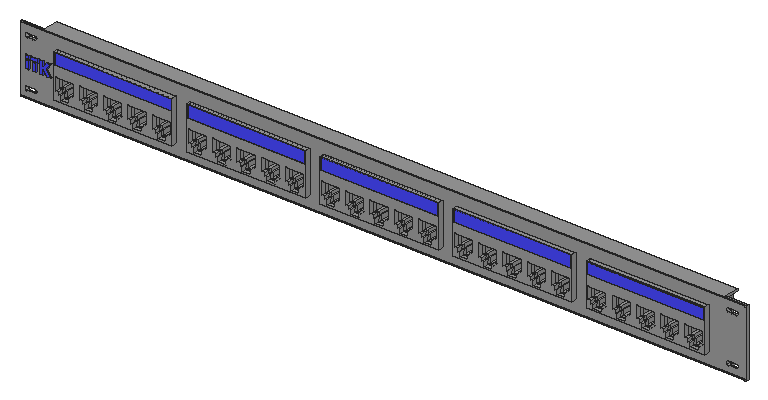
Revit family "ITK_Телефонная патч-панель_19-дюймовое крепление_1U_категория 3", category Обобщенные модели, Revit 2019
Family settings
  Может служить основой для арматурных стержней = Нет
  Размер круглого соединителя = Использовать диаметр
  Тип детали = Нормальный
  На основе рабочей плоскости = Нет
  Всегда вертикально = Да
  При загрузке вырезать с полостями = Нет
  Общий = Нет
  Точка расчета площади = Нет
Parameters (values of type "PP25-1UC03U-110")
  Ширина = 482.6 mm
  Материал = Окраска - RAL 9005
  Изготовитель = "ITK"  # constant formula
  Дата изменения = ""
  Глубина = 23.3 mm
  Высота = 44.5 mm
  URL = "https://www.iek.ru/"
  KSI_CPr_Строительные изделия = "27.12.31.61.1.04.09-1090"  # constant formula
  KSI_CMa_Строительные материалы = "10.03.02.06"  # constant formula
  IEK_Цена за единицу = 1895.9
  IEK_Поиск в таблице имен = ""
  IEK_Описание = "Компактное решение.\r\nДвойная понятная маркировка IDC-модулей и портов.\r\nРасширенный частотный диапазон работы.\r\nУвеличенное количество циклов включения-отключения.\r\nСовместимы со всеми 19\" шкафами и стойками ITK.\r\nСоответствие международным стандартам и ГОСТ Р."
  IEK_URL = "https://www.itk-group.ru/produktsiya/catalog/oborudovanie_telekommunikatsionnoe/komponenty_sks_mednye/patch_paneli/patch_paneli_kat_3/itk_1u_telefonnaya_patch_panel_kat_3_25_portov_110_idc"
  ADSK_Примечание = ""
  ADSK_Позиция [instance] = ""
  ADSK_Наименование = "ITK 1U телефонная патч-панель категории 3 25 портов 110 IDC"
  ADSK_Материал обозначение = ""
  ADSK_Материал наименование = "Металл и АБС-пластик"  # constant formula
  ADSK_Масса = 0.63
  ADSK_Марка = ""  # constant formula
  ADSK_Код изделия = "PP25-1UC03U-110"
  ADSK_Завод-изготовитель = "IEK"  # constant formula
  ADSK_Единица измерения = "шт"  # constant formula
  ADSK_Группирование = "I. ЩИТЫ И ПУЛЬТЫ"  # constant formula
  ADSK_Версия семейства = "1.0"  # constant formula
  ADSK_Версия Revit = "2019"  # constant formula
  ADSK_URL страницы изделия = "https://www.itk-group.ru/produktsiya/catalog/oborudovanie_telekommunikatsionnoe/komponenty_sks_mednye/patch_paneli/patch_paneli_kat_3/"
Reference planes
  plane 1 "По центру (Вперед/Назад)": y = 0
  plane 2: z = 0
  plane 3 "По центру (Влево/Вправо)": x = 0
  plane 4: z = 44.5
  plane 5: y = 11.8
  plane 6: x = 232.5
  plane 7: z = 22.25
  plane 8: z = 38.15
  plane 9: z = 6.35
  plane 10: x = -233.8
  plane 11: x = -216.3
  plane 12: x = 216.3
  plane 13: z = 28.703
  plane 14: x = -241.3
  plane 15: x = 241.3
Forms (mm)
  Extrusion 1, void
    sketch origin (0, 0, 0) x (1, 0, 0) y (0, 1, 0)
      loop
        line (-241.3, 11.8) -> (-241.3, 1.6) -> (-226.3, 1.6) -> (-226.3, 11.8) -> (-241.3, 11.8)
      loop
        line (241.3, 11.8) -> (226.3, 11.8) -> (226.3, 1.6) -> (241.3, 1.6) -> (241.3, 11.8)
    from 0 to 482.6
  Extrusion 2, solid, material "Окраска - RAL 9005" <- "Материал", detail levels fine
    sketch origin (-241.3, 0, 0) x (0, 1, 0) y (0, 0, 1)
      loop
        line (11.8, 44.5) -> (0.523, 44.5)
        arc (0.523, 44.5) -> (0.153, 44.347) -> (0, 43.977) r 0.523
        line (0, 43.977) -> (0, 0.507)
        arc (0, 0.507) -> (0.148, 0.148) -> (0.507, 0) r 0.507
        line (0.507, 0) -> (11.8, 0) -> (11.8, 1.6) -> (2.104, 1.6)
        arc (2.104, 1.6) -> (1.748, 1.748) -> (1.6, 2.104) r 0.504
        line (1.6, 2.104) -> (1.6, 42.358)
        arc (1.6, 42.358) -> (1.759, 42.741) -> (2.142, 42.9) r 0.542
        line (2.142, 42.9) -> (11.8, 42.9) -> (11.8, 44.5)
    from 0 to 482.6
  Extrusion 3, void
    sketch origin (0, 0, 0) x (1, 0, 0) y (0, 0, 1)
      loop
        line (235, 39.65) -> (230, 39.65)
        arc (230, 39.65) -> (228.5, 38.15) -> (230, 36.65) r 1.5
        line (230, 36.65) -> (235, 36.65)
        arc (235, 36.65) -> (236.5, 38.15) -> (235, 39.65) r 1.5
      loop
        arc (235, 4.85) -> (236.5, 6.35) -> (235, 7.85) r 1.5
        line (235, 7.85) -> (230, 7.85)
        arc (230, 7.85) -> (228.5, 6.35) -> (230, 4.85) r 1.5
        line (230, 4.85) -> (235, 4.85)
      loop
        arc (-236.3, 39.65) -> (-237.8, 38.15) -> (-236.3, 36.65) r 1.5
        line (-236.3, 36.65) -> (-231.3, 36.65)
        arc (-231.3, 36.65) -> (-229.8, 38.15) -> (-231.3, 39.65) r 1.5
        line (-231.3, 39.65) -> (-236.3, 39.65)
      loop
        line (-236.3, 4.85) -> (-231.3, 4.85)
        arc (-231.3, 4.85) -> (-229.8, 6.35) -> (-231.3, 7.85) r 1.5
        line (-231.3, 7.85) -> (-236.3, 7.85)
        arc (-236.3, 7.85) -> (-237.8, 6.35) -> (-236.3, 4.85) r 1.5
    from 0 to -2
  Extrusion 4, solid, material "Окраска - RAL 9005" <- "Материал", detail levels fine
    sketch origin (0, 0, 0) x (1, 0, 0) y (0, 0, 1)
      loop
        line (-216.3, 36.507) -> (-216.3, 8.268) -> (-137.7, 8.268) -> (-137.7, 36.507) -> (-216.3, 36.507)
      loop
        line (-127.7, 36.507) -> (-127.7, 8.268) -> (-49.1, 8.268) -> (-49.1, 36.507) -> (-127.7, 36.507)
      loop
        line (-39.3, 36.507) -> (-39.3, 8.268) -> (39.3, 8.268) -> (39.3, 36.507) -> (-39.3, 36.507)
      loop
        line (216.3, 36.507) -> (137.7, 36.507) -> (137.7, 8.268) -> (216.3, 8.268) -> (216.3, 36.507)
      loop
        line (127.7, 36.507) -> (49.1, 36.507) -> (49.1, 8.268) -> (127.7, 8.268) -> (127.7, 36.507)
    from 3.3 to -20
  Extrusion 5, solid, material "Пластик белый", detail levels fine
    sketch origin (0, 0, 0) x (1, 0, 0) y (0, 0, 1)
      loop
        line (-215.909, 28.703) -> (-138.05, 28.703) -> (-138.05, 36.197) -> (-215.909, 36.197) -> (-215.909, 28.703)
      loop
        line (-127.309, 28.703) -> (-49.45, 28.703) -> (-49.45, 36.197) -> (-127.309, 36.197) -> (-127.309, 28.703)
      loop
        line (-38.909, 28.703) -> (38.95, 28.703) -> (38.95, 36.197) -> (-38.909, 36.197) -> (-38.909, 28.703)
      loop
        line (49.491, 28.703) -> (127.35, 28.703) -> (127.35, 36.197) -> (49.491, 36.197) -> (49.491, 28.703)
      loop
        line (138.091, 28.703) -> (215.95, 28.703) -> (215.95, 36.197) -> (138.091, 36.197) -> (138.091, 28.703)
    from 3.3 to 0
  Extrusion 6, void
    sketch origin (0, 0, 0) x (1, 0, 0) y (0, 0, 1)
      loop
        line (-215.909, 36.197) -> (-215.909, 28.703) -> (-138.05, 28.703) -> (-138.05, 36.197) -> (-215.909, 36.197)
      loop
        line (-127.309, 36.197) -> (-127.309, 28.703) -> (-49.45, 28.703) -> (-49.45, 36.197) -> (-127.309, 36.197)
      loop
        line (-38.909, 36.197) -> (-38.909, 28.703) -> (38.95, 28.703) -> (38.95, 36.197) -> (-38.909, 36.197)
      loop
        line (49.491, 36.197) -> (49.491, 28.703) -> (127.35, 28.703) -> (127.35, 36.197) -> (49.491, 36.197)
      loop
        line (138.091, 36.197) -> (138.091, 28.703) -> (215.95, 28.703) -> (215.95, 36.197) -> (138.091, 36.197)
    from 0.831 to 3.3
  Extrusion 7, void
    sketch origin (0, 0, 0) x (1, 0, 0) y (0, 0, 1)
      loop
        line (-215.254, 22.25) -> (-215.254, 13.941) -> (-213.238, 13.941) -> (-213.238, 12.066) -> (-211.993, 12.066) -> (-211.993, 9.145) -> (-206.457, 9.145) -> (-206.457, 12.066) -> (-205.213, 12.066) -> (-205.213, 13.941) -> (-203.196, 13.941) -> (-203.196, 22.25) -> (-215.254, 22.25)
      loop
        line (-138.746, 22.25) -> (-150.804, 22.25) -> (-150.804, 13.941) -> (-148.787, 13.941) -> (-148.787, 12.066) -> (-147.543, 12.066) -> (-147.543, 9.145) -> (-142.007, 9.145) -> (-142.007, 12.066) -> (-140.762, 12.066) -> (-140.762, 13.941) -> (-138.746, 13.941) -> (-138.746, 22.25)
      loop
        line (-183.029, 22.25) -> (-183.029, 13.941) -> (-181.012, 13.941) -> (-181.012, 12.066) -> (-179.768, 12.066) -> (-179.768, 9.145) -> (-174.232, 9.145) -> (-174.232, 12.066) -> (-172.988, 12.066) -> (-172.988, 13.941) -> (-170.971, 13.941) -> (-170.971, 22.25) -> (-183.029, 22.25)
      loop
        line (-199.142, 22.25) -> (-199.142, 13.941) -> (-197.125, 13.941) -> (-197.125, 12.066) -> (-195.881, 12.066) -> (-195.881, 9.145) -> (-190.345, 9.145) -> (-190.345, 12.066) -> (-189.1, 12.066) -> (-189.1, 13.941) -> (-187.083, 13.941) -> (-187.083, 22.25) -> (-199.142, 22.25)
      loop
        line (-154.858, 22.25) -> (-166.917, 22.25) -> (-166.917, 13.941) -> (-164.9, 13.941) -> (-164.9, 12.066) -> (-163.655, 12.066) -> (-163.655, 9.145) -> (-158.119, 9.145) -> (-158.119, 12.066) -> (-156.875, 12.066) -> (-156.875, 13.941) -> (-154.858, 13.941) -> (-154.858, 22.25)
      loop
        line (-126.654, 22.25) -> (-126.654, 13.941) -> (-124.638, 13.941) -> (-124.638, 12.066) -> (-123.393, 12.066) -> (-123.393, 9.145) -> (-117.857, 9.145) -> (-117.857, 12.066) -> (-116.613, 12.066) -> (-116.613, 13.941) -> (-114.596, 13.941) -> (-114.596, 22.25) -> (-126.654, 22.25)
      loop
        line (-50.146, 22.25) -> (-62.204, 22.25) -> (-62.204, 13.941) -> (-60.187, 13.941) -> (-60.187, 12.066) -> (-58.943, 12.066) -> (-58.943, 9.145) -> (-53.407, 9.145) -> (-53.407, 12.066) -> (-52.162, 12.066) -> (-52.162, 13.941) -> (-50.146, 13.941) -> (-50.146, 22.25)
      loop
        line (-94.429, 22.25) -> (-94.429, 13.941) -> (-92.412, 13.941) -> (-92.412, 12.066) -> (-91.168, 12.066) -> (-91.168, 9.145) -> (-85.632, 9.145) -> (-85.632, 12.066) -> (-84.388, 12.066) -> (-84.388, 13.941) -> (-82.371, 13.941) -> (-82.371, 22.25) -> (-94.429, 22.25)
      loop
        line (-110.542, 22.25) -> (-110.542, 13.941) -> (-108.525, 13.941) -> (-108.525, 12.066) -> (-107.281, 12.066) -> (-107.281, 9.145) -> (-101.745, 9.145) -> (-101.745, 12.066) -> (-100.5, 12.066) -> (-100.5, 13.941) -> (-98.483, 13.941) -> (-98.483, 22.25) -> (-110.542, 22.25)
      loop
        line (-66.258, 22.25) -> (-78.317, 22.25) -> (-78.317, 13.941) -> (-76.3, 13.941) -> (-76.3, 12.066) -> (-75.055, 12.066) -> (-75.055, 9.145) -> (-69.519, 9.145) -> (-69.519, 12.066) -> (-68.275, 12.066) -> (-68.275, 13.941) -> (-66.258, 13.941) -> (-66.258, 22.25)
      loop
        line (-38.254, 22.25) -> (-38.254, 13.941) -> (-36.238, 13.941) -> (-36.238, 12.066) -> (-34.993, 12.066) -> (-34.993, 9.145) -> (-29.457, 9.145) -> (-29.457, 12.066) -> (-28.213, 12.066) -> (-28.213, 13.941) -> (-26.196, 13.941) -> (-26.196, 22.25) -> (-38.254, 22.25)
      loop
        line (38.254, 22.25) -> (26.196, 22.25) -> (26.196, 13.941) -> (28.213, 13.941) -> (28.213, 12.066) -> (29.457, 12.066) -> (29.457, 9.145) -> (34.993, 9.145) -> (34.993, 12.066) -> (36.238, 12.066) -> (36.238, 13.941) -> (38.254, 13.941) -> (38.254, 22.25)
      loop
        line (-6.029, 22.25) -> (-6.029, 13.941) -> (-4.012, 13.941) -> (-4.012, 12.066) -> (-2.768, 12.066) -> (-2.768, 9.145) -> (2.768, 9.145) -> (2.768, 12.066) -> (4.012, 12.066) -> (4.012, 13.941) -> (6.029, 13.941) -> (6.029, 22.25) -> (-6.029, 22.25)
      loop
        line (-22.142, 22.25) -> (-22.142, 13.941) -> (-20.125, 13.941) -> (-20.125, 12.066) -> (-18.881, 12.066) -> (-18.881, 9.145) -> (-13.345, 9.145) -> (-13.345, 12.066) -> (-12.1, 12.066) -> (-12.1, 13.941) -> (-10.083, 13.941) -> (-10.083, 22.25) -> (-22.142, 22.25)
      loop
        line (22.142, 22.25) -> (10.083, 22.25) -> (10.083, 13.941) -> (12.1, 13.941) -> (12.1, 12.066) -> (13.345, 12.066) -> (13.345, 9.145) -> (18.881, 9.145) -> (18.881, 12.066) -> (20.125, 12.066) -> (20.125, 13.941) -> (22.142, 13.941) -> (22.142, 22.25)
      loop
        line (138.746, 22.25) -> (138.746, 13.941) -> (140.762, 13.941) -> (140.762, 12.066) -> (142.007, 12.066) -> (142.007, 9.145) -> (147.543, 9.145) -> (147.543, 12.066) -> (148.787, 12.066) -> (148.787, 13.941) -> (150.804, 13.941) -> (150.804, 22.25) -> (138.746, 22.25)
      loop
        line (215.254, 22.25) -> (203.196, 22.25) -> (203.196, 13.941) -> (205.213, 13.941) -> (205.213, 12.066) -> (206.457, 12.066) -> (206.457, 9.145) -> (211.993, 9.145) -> (211.993, 12.066) -> (213.238, 12.066) -> (213.238, 13.941) -> (215.254, 13.941) -> (215.254, 22.25)
      loop
        line (170.971, 22.25) -> (170.971, 13.941) -> (172.988, 13.941) -> (172.988, 12.066) -> (174.232, 12.066) -> (174.232, 9.145) -> (179.768, 9.145) -> (179.768, 12.066) -> (181.012, 12.066) -> (181.012, 13.941) -> (183.029, 13.941) -> (183.029, 22.25) -> (170.971, 22.25)
      loop
        line (154.858, 22.25) -> (154.858, 13.941) -> (156.875, 13.941) -> (156.875, 12.066) -> (158.119, 12.066) -> (158.119, 9.145) -> (163.655, 9.145) -> (163.655, 12.066) -> (164.9, 12.066) -> (164.9, 13.941) -> (166.917, 13.941) -> (166.917, 22.25) -> (154.858, 22.25)
      loop
        line (199.142, 22.25) -> (187.083, 22.25) -> (187.083, 13.941) -> (189.1, 13.941) -> (189.1, 12.066) -> (190.345, 12.066) -> (190.345, 9.145) -> (195.881, 9.145) -> (195.881, 12.066) -> (197.125, 12.066) -> (197.125, 13.941) -> (199.142, 13.941) -> (199.142, 22.25)
      loop
        line (50.146, 22.25) -> (50.146, 13.941) -> (52.162, 13.941) -> (52.162, 12.066) -> (53.407, 12.066) -> (53.407, 9.145) -> (58.943, 9.145) -> (58.943, 12.066) -> (60.187, 12.066) -> (60.187, 13.941) -> (62.204, 13.941) -> (62.204, 22.25) -> (50.146, 22.25)
      loop
        line (126.654, 22.25) -> (114.596, 22.25) -> (114.596, 13.941) -> (116.613, 13.941) -> (116.613, 12.066) -> (117.857, 12.066) -> (117.857, 9.145) -> (123.393, 9.145) -> (123.393, 12.066) -> (124.638, 12.066) -> (124.638, 13.941) -> (126.654, 13.941) -> (126.654, 22.25)
      loop
        line (82.371, 22.25) -> (82.371, 13.941) -> (84.388, 13.941) -> (84.388, 12.066) -> (85.632, 12.066) -> (85.632, 9.145) -> (91.168, 9.145) -> (91.168, 12.066) -> (92.412, 12.066) -> (92.412, 13.941) -> (94.429, 13.941) -> (94.429, 22.25) -> (82.371, 22.25)
      loop
        line (66.258, 22.25) -> (66.258, 13.941) -> (68.275, 13.941) -> (68.275, 12.066) -> (69.519, 12.066) -> (69.519, 9.145) -> (75.055, 9.145) -> (75.055, 12.066) -> (76.3, 12.066) -> (76.3, 13.941) -> (78.317, 13.941) -> (78.317, 22.25) -> (66.258, 22.25)
      loop
        line (110.542, 22.25) -> (98.483, 22.25) -> (98.483, 13.941) -> (100.5, 13.941) -> (100.5, 12.066) -> (101.745, 12.066) -> (101.745, 9.145) -> (107.281, 9.145) -> (107.281, 12.066) -> (108.525, 12.066) -> (108.525, 13.941) -> (110.542, 13.941) -> (110.542, 22.25)
    from 3.3 to -15
  Extrusion 8, solid, material "Условный материал-отделка", detail levels coarse+medium
    sketch origin (0, 0, 0) x (1, 0, 0) y (0, 0, 1)
      loop
        line (-241.3, 44.5) -> (-241.3, 0) -> (241.3, 0) -> (241.3, 44.5) -> (-241.3, 44.5)
    from -20 to 0
  Extrusion 9, solid, material "Пластик белый", detail levels fine
    sketch origin (-229.749, 0, 18.183) x (1, 0, 0) y (0, 0, 1)
      loop
        line (-7.624, 5.29) -> (-7.624, 0) -> (-5.312, 0) -> (-5.312, 5.29) -> (-7.624, 5.29)
      loop
        line (-0.808, 5.29) -> (-2.986, 5.29) -> (-2.986, 0) -> (-0.808, 0) -> (-0.808, 5.29)
      loop
        line (-7.624, 6.027) -> (-5.312, 6.027) -> (-5.312, 8.272) -> (-7.624, 8.272) -> (-7.624, 6.027)
      loop
        line (1.567, 8.272) -> (1.567, 0) -> (3.747, 0) -> (3.747, 3.101) -> (4.58, 3.101) -> (6.594, 0) -> (9.251, 0) -> (6.241, 4.142) -> (9.251, 8.272) -> (6.594, 8.272) -> (4.58, 5.17) -> (3.747, 5.17) -> (3.747, 8.272) -> (1.567, 8.272)
      loop
        line (-4.24, 6.027) -> (0.447, 6.027) -> (0.447, 8.272) -> (-4.24, 8.272) -> (-4.24, 6.027)
    from 0 to 0.554
Cuts and joins
  Extrusion 1, Extrusion 3, Extrusion 6, Extrusion 7 cuts Extrusion 2
  Extrusion 6, Extrusion 7 cuts Extrusion 4
Dimensions and locks
  plane 4 to level = 44.5 mm
  plane 5 to plane 1 "По центру (Вперед/Назад)" = 11.8 mm
  equal spacing: plane 11, plane 3 "По центру (Влево/Вправо)", plane 12
  plane 11 to plane 12 = 432.6 mm
  equal spacing: plane 14, plane 3 "По центру (Влево/Вправо)", plane 15
  "Ширина": plane 14 to plane 15
  "Высота": plane 4 to level
  aligned and locked: level to plane 2
  aligned and locked: Extrusion 6 sketch curve to Extrusion 5  (x20)
  aligned and locked: plane 14 to Extrusion 8
Automatic sketch dimensions
  plane 5 to Extrusion 1 sketch curve = 0 mm  (x2)
  Extrusion 1 sketch curve to plane 1 "По центру (Вперед/Назад)" = 1.6 mm  (x2)
  Extrusion 1 sketch curve to plane 10 = 7.5 mm
  plane 10 to Extrusion 1 sketch curve = 7.5 mm
  Extrusion 1 sketch curve to plane 6 = 6.2 mm
  plane 6 to Extrusion 1 sketch curve = 8.8 mm
  Extrusion 2 sketch curve to plane 1 "По центру (Вперед/Назад)" = 0 mm
  Extrusion 2 sketch curve to level = 0 mm
  Extrusion 2 sketch curve to plane 4 = 0 mm
  Extrusion 2 sketch curve to plane 5 = 0 mm  (x2)
  Extrusion 2 sketch curve to Extrusion 2 sketch curve = 0.507 mm
  Extrusion 2 sketch curve to Extrusion 2 sketch curve = 0.523 mm
  Extrusion 2 sketch curve to plane 1 "По центру (Вперед/Назад)" = 1.6 mm
  Extrusion 2 sketch curve to Extrusion 2 sketch curve = 0.504 mm
  Extrusion 2 sketch curve to Extrusion 2 sketch curve = 0.542 mm
  Extrusion 2 sketch curve to Extrusion 2 sketch curve = 1.6 mm
  Extrusion 2 sketch curve to plane 4 = 2.142 mm
  Extrusion 3 sketch curve to plane 9 = 0 mm  (x2)
  Extrusion 3 sketch curve to plane 8 = 0 mm  (x2)
  Extrusion 3 sketch curve to plane 10 = 2.5 mm  (x2)
  plane 10 to Extrusion 3 sketch curve = 2.5 mm  (x2)
  Extrusion 3 sketch curve to plane 6 = 2.5 mm  (x2)
  plane 6 to Extrusion 3 sketch curve = 2.5 mm  (x2)
  Extrusion 3 sketch curve to Extrusion 3 sketch curve = 1.5 mm  (x2)
  Extrusion 3 sketch curve to plane 8 = 1.5 mm  (x2)
  Extrusion 4 sketch curve to plane 11 = 0 mm
  plane 12 to Extrusion 4 sketch curve = 0 mm
  plane 9 to Extrusion 4 sketch curve = 1.918 mm  (x5)
  plane 11 to Extrusion 4 sketch curve = 78.6 mm
  Extrusion 4 sketch curve to plane 8 = 1.643 mm  (x5)
  Extrusion 4 sketch curve to Extrusion 4 sketch curve = 10 mm  (x2)
  Extrusion 4 sketch curve to plane 3 "По центру (Влево/Вправо)" = 49.1 mm
  Extrusion 4 sketch curve to Extrusion 4 sketch curve = 9.8 mm  (x2)
  plane 3 "По центру (Влево/Вправо)" to Extrusion 4 sketch curve = 39.3 mm
  Extrusion 4 sketch curve to Extrusion 4 sketch curve = 78.6 mm
  Extrusion 5 sketch curve to plane 13 = 0 mm  (x5)
  plane 11 to Extrusion 5 sketch curve = 0.391 mm
  Extrusion 5 sketch curve to plane 8 = 1.953 mm  (x5)
  Extrusion 5 sketch curve to Extrusion 5 sketch curve = 77.859 mm  (x2)
  Extrusion 5 sketch curve to Extrusion 5 sketch curve = 10.741 mm  (x2)
  Extrusion 5 sketch curve to plane 3 "По центру (Влево/Вправо)" = 49.45 mm
  Extrusion 5 sketch curve to Extrusion 5 sketch curve = 10.541 mm  (x2)
  plane 3 "По центру (Влево/Вправо)" to Extrusion 5 sketch curve = 38.95 mm
  plane 12 to Extrusion 5 sketch curve = 0.35 mm
  Extrusion 7 sketch curve to plane 7 = 0 mm  (x25)
  plane 11 to Extrusion 7 sketch curve = 1.046 mm
  Extrusion 7 sketch curve to Extrusion 7 sketch curve = 2.017 mm  (x48)
  Extrusion 7 sketch curve to Extrusion 7 sketch curve = 1.244 mm  (x50)
  Extrusion 7 sketch curve to Extrusion 7 sketch curve = 5.536 mm  (x23)
  Extrusion 7 sketch curve to Extrusion 7 sketch curve = 4.054 mm  (x20)
  Extrusion 7 sketch curve to Extrusion 7 sketch curve = 12.091 mm  (x2)
  Extrusion 7 sketch curve to Extrusion 7 sketch curve = 11.891 mm  (x2)
  plane 3 "По центру (Влево/Вправо)" to Extrusion 7 sketch curve = 2.768 mm
  plane 3 "По центру (Влево/Вправо)" to Extrusion 7 sketch curve = 6.029 mm
  plane 12 to Extrusion 7 sketch curve = 4.307 mm
  plane 12 to Extrusion 7 sketch curve = 1.046 mm
  plane 9 to Extrusion 7 sketch curve = 7.591 mm  (x30)
  Extrusion 7 sketch curve to Extrusion 7 sketch curve = 0 mm  (x20)
  Extrusion 7 sketch curve to Extrusion 7 sketch curve = 1.876 mm  (x50)
  plane 9 to Extrusion 7 sketch curve = 2.795 mm  (x25)
  Extrusion 8 sketch curve to level = 0 mm
  Extrusion 8 sketch curve to plane 4 = 0 mm
  Extrusion 8 sketch curve to plane 10 = 7.5 mm
  plane 6 to Extrusion 8 sketch curve = 8.8 mm
  plane 14 to Extrusion 9 sketch curve = 3.926 mm
  Extrusion 9 sketch curve to plane 13 = 2.248 mm  (x4)
  Extrusion 9 sketch curve to Extrusion 9 sketch curve = 0 mm  (x2)
  Extrusion 9 sketch curve to plane 10 = 1.261 mm
  Extrusion 9 sketch curve to plane 10 = 0.19 mm
  plane 10 to Extrusion 9 sketch curve = 1.065 mm
  Extrusion 9 sketch curve to Extrusion 9 sketch curve = 2.178 mm
  Extrusion 9 sketch curve to Extrusion 9 sketch curve = 1.255 mm
  Extrusion 9 sketch curve to Extrusion 9 sketch curve = 1.12 mm
  Extrusion 9 sketch curve to Extrusion 9 sketch curve = 2.18 mm  (x2)
  Extrusion 9 sketch curve to Extrusion 9 sketch curve = 0.834 mm  (x2)
  Extrusion 9 sketch curve to plane 7 = 0.965 mm
  plane 7 to Extrusion 9 sketch curve = 0.076 mm
  Extrusion 9 sketch curve to Extrusion 9 sketch curve = 1.661 mm
  Extrusion 9 sketch curve to Extrusion 9 sketch curve = 2.848 mm  (x2)
  Extrusion 9 sketch curve to plane 7 = 4.067 mm  (x4)
  Extrusion 9 sketch curve to Extrusion 9 sketch curve = 2.656 mm  (x2)
  Extrusion 9 sketch curve to Extrusion 9 sketch curve = 1.028 mm
  plane 7 to Extrusion 9 sketch curve = 1.223 mm
  Extrusion 9 sketch curve to Extrusion 9 sketch curve = 2.982 mm
  Extrusion 9 sketch curve to Extrusion 9 sketch curve = 0.737 mm  (x2)
